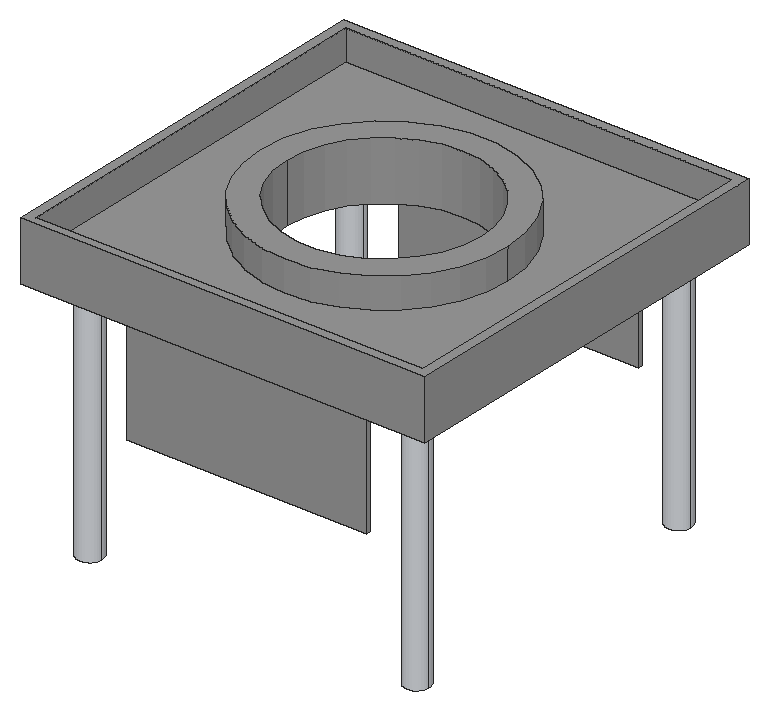
Revit family "Nivellierbare Schwerlastkassette für Tubus, RKFNSL, 15, 4", category Generic Models, Revit 2015
Parameters (values of type "RKFN2 4 VMSL1N15")
  Width = 199 mm
  URL = "http://www.obo-bettermann.com"
  Material = Stainless Steel, Polished
  Manufacturer Art.No. = "7409382"
  Manufacturer = "OBO Bettermann"
  Length = 199 mm
  HeightCalc = if(Height < 100 mm, 100 mm, (if(Height > 150 mm, 150 mm, Height)))  # 150 mm
  Height 1 = 29 mm
  Height = 150 mm
  GTIN = "4012195869160"
  Cut depth = 15 mm
  Article Type = "RKFN2 4 VMSL1N15"
Reference planes
  plane 1 "Center (Front/Back)": y = 0
  plane 2: z = 0
  plane 3 "Center (Left/Right)": x = 0
  plane 4: z = 121
  plane 5: y = 99.5
  plane 6: y = -99.5
  plane 7: z = 150
  plane 8: z = 60
  plane 9: z = 135
Forms (mm)
  Extrusion 1, solid
    sketch origin (0, 0, 0) x (1, 0, 0) y (0, 1, 0)
      loop
        circle (-80.5, -80.5) r 6
      loop
        circle (-80.5, 80.5) r 6
      loop
        circle (80.5, 80.5) r 6
      loop
        circle (80.5, -80.5) r 6
    from 0 to 121
  Extrusion 2, solid, material "Stainless Steel, Polished" <- "Material"
    sketch origin (0, 0, 0) x (1, 0, 0) y (0, 0, 1)
      loop
        line (-99.5, 150) -> (-99.5, 121) -> (99.5, 121) -> (99.5, 150) -> (-99.5, 150)
    from -99.5 to 99.5
  Extrusion 3, solid, material "Stainless Steel, Polished" <- "Material"
    sketch origin (0, 0, 0) x (1, 0, 0) y (0, 1, 0)
      loop
        line (-59, 84.5) -> (-59, 82.5) -> (59, 82.5) -> (59, 84.5) -> (-59, 84.5)
      loop
        line (-59, -82.5) -> (-59, -84.5) -> (59, -84.5) -> (59, -82.5) -> (-59, -82.5)
    from 60 to 121
  Extrusion 4, void
    sketch origin (0, 0, 0) x (1, 0, 0) y (0, 1, 0)
      loop
        line (-95.3, 95.3) -> (-95.3, -95.3) -> (95.3, -95.3) -> (95.3, 95.3) -> (-95.3, 95.3)
      loop
        circle (0, 0) r 61
    from 135 to 150
  Extrusion 5, void
    sketch origin (0, 0, 0) x (1, 0, 0) y (0, 1, 0)
      loop
        circle (0, 0) r 47.77
    from 121 to 150
Cuts and joins
  Extrusion 4 cuts Extrusion 1
  Extrusion 4, Extrusion 5 cuts Extrusion 2
  Extrusion 4 cuts Extrusion 3
Dimensions and locks
  locked: Extrusion 1 sketch curve to plane 1 "Center (Front/Back)" at 74.5  (x2)
  locked: Extrusion 1 sketch curve to plane 3 "Center (Left/Right)" at 80.5  (x2)
  locked: plane 1 "Center (Front/Back)" to Extrusion 1 sketch curve at 74.5  (x2)
  locked: plane 3 "Center (Left/Right)" to Extrusion 1 sketch curve at 80.5  (x2)
  "Width": Extrusion 2 sketch curve to Extrusion 2 sketch curve
  locked: plane 3 "Center (Left/Right)" to Extrusion 2 sketch curve at 99.5
  locked: Extrusion 2 sketch curve to Extrusion 2 sketch curve at 29
  "HeightCalc": plane 7 to level
  "Height 1": plane 7 to plane 4
  locked: Extrusion 3 sketch curve to Extrusion 3 sketch curve at 118  (x2)
  equal spacing: Extrusion 3 sketch curve, plane 3 "Center (Left/Right)", Extrusion 3 sketch curve, locked at 59 each  (x2)
  locked: Extrusion 3 sketch curve to Extrusion 2 at 15  (x2)
  locked: Extrusion 3 sketch curve to Extrusion 3 sketch curve at 2  (x2)
  locked: plane 4 to plane 8 at 61
  locked: Extrusion 4 sketch curve to Extrusion 4 sketch curve at 190.6  (x2)
  equal spacing: Extrusion 4 sketch curve, plane 3 "Center (Left/Right)", Extrusion 4 sketch curve, locked at 95.3 each
  equal spacing: Extrusion 4 sketch curve, plane 1 "Center (Front/Back)", Extrusion 4 sketch curve, locked at 95.3 each
  "Cut depth": plane 7 to plane 9
  "Length": plane 5 to plane 6
  equal spacing: plane 5, plane 1 "Center (Front/Back)", plane 6, locked at 99.5 each
  diameter of Extrusion 1 sketch curve = 12 mm  (x3)
  aligned and locked: level to plane 2
  aligned and locked: plane 4 to Extrusion 1
  aligned and locked: plane 4 to Extrusion 2 sketch curve
  aligned and locked: plane 6 to Extrusion 2
  aligned and locked: Extrusion 2 to plane 5
  aligned and locked: plane 7 to Extrusion 2
  aligned and locked: Extrusion 1 to Extrusion 3
  aligned and locked: Extrusion 3 to plane 8
  aligned and locked: cut or joined group of Extrusion 2, Extrusion 4, Extrusion 5 to Extrusion 4
  aligned and locked: Extrusion 4 to plane 9
  aligned and locked: Extrusion 2 to Extrusion 5  (x2)
Automatic sketch dimensions
  Extrusion 1 sketch curve to plane 6 = 19 mm
  plane 1 "Center (Front/Back)" to Extrusion 4 sketch curve = 0 mm
  Extrusion 4 sketch curve to plane 3 "Center (Left/Right)" = 0 mm
  plane 1 "Center (Front/Back)" to Extrusion 5 sketch curve = 0 mm
  Extrusion 5 sketch curve to plane 3 "Center (Left/Right)" = 0 mm
  radius of Extrusion 4 sketch curve = 61 mm
  radius of Extrusion 5 sketch curve = 47.77 mm
